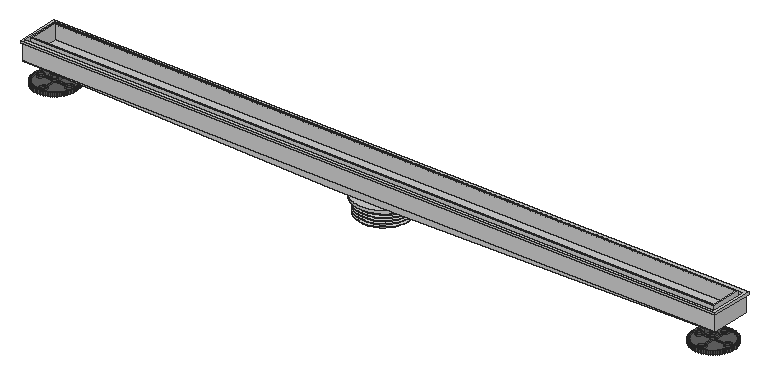
Revit family "C8971-Linear Shower Drain - 48 inch ", category Generic Models, Revit 2022
Family settings
  Can host rebar = No
  Round Connector Dimension = Use Diameter
  Part Type = Normal
  Work Plane-Based = No
  Always vertical = Yes
  Cut with Voids When Loaded = No
  Maintain Annotation Orientation = No
  Shared = No
  Room Calculation Point = No
Parameters (values of type "C8971- 48" linear Shower Drain (Tile-in)")
  Width = 70 mm
  URL = "https://kromedispense.co.in/"
  Model = "C8971"
  Length = 1220 mm
  Holder Material = 4
  Gare Material = 3
  Gare Matel Material = 2
  Fram Material = 4
  Default Elevation = 0 mm
Reference planes
  plane 1 "Center (Front/Back)": y = 0
  plane 2: z = 0
  plane 3 "Center (Left/Right)": x = 0
  plane 4: x = -610
  plane 5: x = 610
  plane 6: y = 35
  plane 7: y = -35
  plane 8 "3": z = 73
  plane 9 "1": z = 31
  plane 10 "2": z = 41
  plane 11: x = -50
  plane 12: x = 50
  plane 13: x = -560
  plane 14: x = 560
Forms (mm)
  Sweep 1, solid, material "4" <- "Fram Material"
    path origin (0, 0, 73) x (-1, 0, 0) y (0, -1, 0)
      loop
        line (610, -35) -> (610, 35) -> (-610, 35) -> (-610, -35) -> (610, -35)
    profile origin (-610, 0, 73) x (1, 0, 0) y (0, 0, 1)
      loop
        line (-2, 0) -> (-2, -4) -> (0, -4) -> (0, -32) -> (2, -32) -> (2, 0) -> (-2, 0)
  Extrusion 2, solid, material "4" <- "Fram Material"
    sketch origin (0, 0, 0) x (1, 0, 0) y (0, 0, 1)
      loop
        line (-610, 41) -> (-50, 31) -> (50, 31) -> (610, 41) -> (-610, 41)
    from -35 to 35
  Extrusion 3, solid, material "2"
    sketch origin (-610, 0, 41) x (1, 0, 0) y (0, 1, 0)
      loop
        line (2, 33) -> (2, -33) -> (1218, -33) -> (1218, 33) -> (2, 33)
    from 0 to 1
  Sweep 4, solid, material "4" <- "Fram Material"
    path origin (-612, 37, 73) x (0, -1, 0) y (1, 0, 0)
      loop
        line (70, 4) -> (70, 1220) -> (4, 1220) -> (4, 4) -> (70, 4)
    profile origin (0, -33, 73) x (0, 1, 0) y (0, 0, 1)
      loop
        line (8, 3) -> (6, 3) -> (6, -31) -> (8, -31) -> (8, 3)
  Extrusion 5, solid, material "4" <- "Fram Material"
    sketch origin (-610, 0, 42) x (1, 0, 0) y (0, 1, 0)
      loop
        line (10, 25) -> (10, -25) -> (1210, -25) -> (1210, 25) -> (10, 25)
    from 0 to 10
Dimensions and locks
  equal spacing: plane 4, plane 3 "Center (Left/Right)", plane 5
  "Length": plane 4 to plane 5
  equal spacing: plane 6, plane 1 "Center (Front/Back)", plane 7
  "Width": plane 6 to plane 7
  plane 8 "3" to plane 2 = 73 mm
  equal spacing: plane 11, plane 3 "Center (Left/Right)", plane 12, locked at 50 each
  locked: plane 4 to plane 13 at 50
  locked: plane 14 to plane 5 at 50
  aligned and locked: level to plane 2
  aligned and locked: plane 1 "Center (Front/Back)" to nested 1
  aligned and locked: plane 3 "Center (Left/Right)" to nested 1
  aligned and locked: plane 1 "Center (Front/Back)" to nested 2
  aligned and locked: nested 3 to plane 1 "Center (Front/Back)"
  aligned and locked: plane 4 to Extrusion 2 sketch curve
  aligned and locked: plane 10 "2" to Extrusion 2 sketch curve  (x2)
  aligned and locked: plane 5 to Extrusion 2 sketch curve
  aligned and locked: plane 6 to Extrusion 2
  aligned and locked: plane 7 to Extrusion 2
  aligned and locked: Extrusion 3 sketch curve to Sweep 1  (x4)
  aligned and locked: plane 6 to Sweep 1 sketch curve
  aligned and locked: Sweep 1 sketch curve to plane 4
  aligned and locked: plane 7 to Sweep 1 sketch curve
  aligned and locked: Sweep 1 sketch curve to plane 5
  aligned and locked: Sweep 4 sketch curve to Sweep 1  (x4)
  aligned and locked: nested 2 to plane 13
  aligned and locked: plane 14 to nested 3
Automatic sketch dimensions
  Sweep 1 sketch curve to plane 8 "3" = 0 mm
  profile plane to Sweep 1 sketch curve = 0 mm
  profile plane to Sweep 1 sketch curve = 2 mm
  Sweep 1 sketch curve to Sweep 1 sketch curve = 2 mm
  Sweep 1 sketch curve to plane 8 "3" = 4 mm
  Sweep 1 sketch curve to Sweep 1 sketch curve = 28 mm
  Extrusion 2 sketch curve to plane 9 "1" = 0 mm
  Extrusion 2 sketch curve to plane 11 = 0 mm
  plane 12 to Extrusion 2 sketch curve = 0 mm
  Sweep 4 sketch curve to Sweep 4 sketch curve = 2 mm
  Sweep 4 sketch curve to profile plane = 6 mm
  profile plane to Sweep 4 sketch curve = 3 mm
  Sweep 4 sketch curve to profile plane = 31 mm
  Extrusion 5 sketch curve to Extrusion 3 = 8 mm  (x4)
Nested families
  nested 1: "Holder" at (0, 0, 0), type "Holder"
  nested 2: "Gare" at (-580.4, 0, 0), type "Gare"
  nested 3: "Gare" at (580.4, 0, 0) x (-1, 0, 0) z (0, 0, 1), type "Gare"
Definition of nested family "Holder"
  Parameters (values of type "Holder")
    Gare = none
    Default Elevation = 0 mm
  Reference planes
    plane 1 "Center (Front/Back)": y = 0
    plane 2: z = 0
    plane 3 "Center (Left/Right)": x = 0
    plane 4: x = -50
    plane 5: x = 50
    plane 6: y = 50
    plane 7: y = -50
    plane 8: z = 31
  Forms (mm)
    Revolve 1, solid, material <- "Gare"
      sketch origin (0, 0, 0) x (1, 0, 0) y (0, 0, 1)
        loop
          line (0, 31) -> (0, 0) -> (42.5, 0) -> (45, 2.5) -> (42.5, 5) -> (45, 7.5) -> (42.5, 10) -> (45, 12.5) -> (42.5, 15) -> (45, 17.5) -> (42.5, 20) -> (45, 22.5) -> (42.5, 25) -> (43.5, 26) -> (50, 26) -> (50, 31) -> (0, 31)
        axis (0, 0) -> (0, 31)
      angle from 0 to 360
  Dimensions and locks
    aligned and locked: level to plane 2
Definition of nested family "Gare"
  Parameters (values of type "Gare")
    Matel = none
    Gare = none
    Default Elevation = 0 mm
  Reference planes
    plane 1 "Center (Front/Back)": y = 0
    plane 2: z = 0
    plane 3 "Center (Left/Right)": x = 0
    plane 4: x = -36.5
    plane 5: x = 36.5
    plane 6: y = 36.5
    plane 7: y = -36.5
    plane 8: z = 41
    plane 9: z = 6
    plane 10: z = 11.5
    plane 11: z = 31
    plane 12: x = 20.4
  Forms (mm)
    Extrusion 1, solid, material <- "Gare"
      sketch origin (0, 0, 0) x (1, 0, 0) y (0, 1, 0)
        loop
          line (-36.5, 0) -> (-34.614, -1.089) -> (-36.428, -2.294) -> (-34.339, -3.331) -> (-36.19, -4.75) -> (-34.035, -5.643) -> (-35.786, -7.184) -> (-33.576, -7.93) -> (-35.219, -9.586) -> (-32.964, -10.18) -> (-34.491, -11.943) -> (-32.201, -12.384) -> (-33.605, -14.246) -> (-31.29, -14.531) -> (-32.566, -16.484) -> (-30.237, -16.612) -> (-31.378, -18.646) -> (-29.046, -18.617) -> (-30.046, -20.724) -> (-27.722, -20.537) -> (-28.578, -22.706) -> (-26.271, -22.363) -> (-26.978, -24.585) -> (-24.7, -24.087) -> (-25.256, -26.352) -> (-23.016, -25.7) -> (-23.418, -27.998) -> (-21.227, -27.196) -> (-21.473, -29.516) -> (-19.341, -28.568) -> (-19.429, -30.899) -> (-17.367, -29.81) -> (-17.298, -32.141) -> (-15.314, -30.915) -> (-15.087, -33.236) -> (-13.19, -31.879) -> (-12.807, -34.18) -> (-11.006, -32.697) -> (-10.468, -34.967) -> (-8.772, -33.366) -> (-8.082, -35.594) -> (-6.498, -33.883) -> (-5.659, -36.059) -> (-4.194, -34.244) -> (-3.21, -36.359) -> (-1.87, -34.449) -> (-0.746, -36.492) -> (0.461, -34.497) -> (1.721, -36.459) -> (2.791, -34.387) -> (4.181, -36.26) -> (5.108, -34.12) -> (6.621, -35.895) -> (7.401, -33.697) -> (9.031, -35.365) -> (9.661, -33.12) -> (11.399, -34.674) -> (11.876, -32.391) -> (13.716, -33.825) -> (14.037, -31.515) -> (15.97, -32.821) -> (16.135, -30.495) -> (18.151, -31.667) -> (18.158, -29.335) -> (20.249, -30.368) -> (20.098, -28.041) -> (22.254, -28.931) -> (21.947, -26.619) -> (24.158, -27.362) -> (23.695, -25.076) -> (25.951, -25.667) -> (25.335, -23.418) -> (27.626, -23.855) -> (26.859, -21.652) -> (29.174, -21.934) -> (28.261, -19.788) -> (30.59, -19.913) -> (29.533, -17.834) -> (31.865, -17.801) -> (30.671, -15.798) -> (32.995, -15.607) -> (31.668, -13.69) -> (33.974, -13.342) -> (32.52, -11.519) -> (34.798, -11.017) -> (33.224, -9.295) -> (35.463, -8.641) -> (33.776, -7.03) -> (35.965, -6.225) -> (34.174, -4.732) -> (36.304, -3.781) -> (34.416, -2.412) -> (36.476, -1.32) -> (34.5, -0.081) -> (36.482, 1.148) -> (34.427, 2.25) -> (36.321, 3.61) -> (34.196, 4.57) -> (35.994, 6.055) -> (33.809, 6.87) -> (35.503, 8.473) -> (33.268, 9.139) -> (34.849, 10.853) -> (32.574, 11.365) -> (34.036, 13.182) -> (31.732, 13.54) -> (33.068, 15.452) -> (30.745, 15.653) -> (31.949, 17.65) -> (29.617, 17.694) -> (30.683, 19.769) -> (28.354, 19.655) -> (29.277, 21.796) -> (26.961, 21.526) -> (27.738, 23.725) -> (25.445, 23.298) -> (26.072, 25.544) -> (23.813, 24.964) -> (24.286, 27.247) -> (22.072, 26.516) -> (22.39, 28.826) -> (20.23, 27.946) -> (20.391, 30.273) -> (18.296, 29.249) -> (18.3, 31.581) -> (16.278, 30.418) -> (16.124, 32.745) -> (14.186, 31.449) -> (13.875, 33.76) -> (12.029, 32.335) -> (11.563, 34.62) -> (9.817, 33.074) -> (9.197, 35.322) -> (7.56, 33.662) -> (6.79, 35.863) -> (5.268, 34.095) -> (4.351, 36.24) -> (2.953, 34.373) -> (1.893, 36.451) -> (0.624, 34.494) -> (-0.574, 36.495) -> (-1.708, 34.458) -> (-3.038, 36.373) -> (-4.032, 34.264) -> (-5.489, 36.085) -> (-6.338, 33.913) -> (-7.914, 35.632) -> (-8.615, 33.407) -> (-10.303, 35.016) -> (-10.852, 32.749) -> (-12.645, 34.239) -> (-13.04, 31.941) -> (-14.93, 33.307) -> (-15.168, 30.987) -> (-17.146, 32.222) -> (-17.227, 29.891) -> (-19.284, 30.99) -> (-19.207, 28.659) -> (-21.333, 29.617) -> (-21.099, 27.296) -> (-23.285, 28.108) -> (-22.895, 25.808) -> (-25.131, 26.47) -> (-24.586, 24.203) -> (-26.862, 24.712) -> (-26.165, 22.486) -> (-28.47, 22.841) -> (-27.625, 20.667) -> (-29.948, 20.865) -> (-28.958, 18.754) -> (-31.29, 18.794) -> (-30.159, 16.754) -> (-32.488, 16.637) -> (-31.222, 14.679) -> (-33.538, 14.404) -> (-32.142, 12.536) -> (-34.434, 12.105) -> (-32.915, 10.336) -> (-35.173, 9.751) -> (-33.539, 8.088) -> (-35.752, 7.353) -> (-34.008, 5.804) -> (-36.167, 4.921) -> (-34.323, 3.493) -> (-36.417, 2.466) -> (-34.48, 1.166) -> (-36.5, 0)
        loop
          circle (0, 0) r 33.5
      from 0 to 5
    Extrusion 2, solid, material <- "Gare"
      sketch origin (0, 0, 0) x (1, 0, 0) y (0, 1, 0)
        loop
          circle (0, 0) r 33.5
        loop
          circle (-25.159, 0) r 5
        loop
          circle (0, 25.159) r 5
        loop
          circle (0, -25.159) r 5
        loop
          circle (25.159, 0) r 5
      from 1 to 4
    Extrusion 3, solid, material <- "Gare"
      sketch origin (0, 0, 4) x (1, 0, 0) y (0, 1, 0)
        loop
          circle (-25.159, 0) r 5
        loop
          circle (0, 25.159) r 5
        loop
          circle (0, -25.159) r 5
        loop
          circle (25.159, 0) r 5
        loop
          arc (-19.35, 1.5) -> (-25.915, 5.952) -> (-31.159, 0) r 6
          arc (-31.159, 0) -> (-25.915, -5.952) -> (-19.35, -1.5) r 6
          line (-19.35, -1.5) -> (-1.5, -1.5) -> (-1.5, -19.35)
          arc (-1.5, -19.35) -> (-5.952, -25.915) -> (0, -31.159) r 6
          arc (0, -31.159) -> (5.952, -25.915) -> (1.5, -19.35) r 6
          line (1.5, -19.35) -> (1.5, -1.5) -> (19.35, -1.5)
          arc (19.35, -1.5) -> (25.915, -5.952) -> (31.159, 0) r 6
          arc (31.159, 0) -> (25.915, 5.952) -> (19.35, 1.5) r 6
          line (19.35, 1.5) -> (1.5, 1.5) -> (1.5, 19.35)
          arc (1.5, 19.35) -> (5.952, 25.915) -> (0, 31.159) r 6
          arc (0, 31.159) -> (-5.952, 25.915) -> (-1.5, 19.35) r 6
          line (-1.5, 19.35) -> (-1.5, 1.5) -> (-19.35, 1.5)
      from 0 to 1
    Extrusion 4, solid, material <- "Gare"
      sketch origin (0, 0, 0.5) x (0, -1, 0) y (-1, 0, 0)
        loop
          circle (0, 25.159) r 5
        loop
          circle (-25.159, 0) r 5
        loop
          circle (25.159, 0) r 5
        loop
          circle (0, -25.159) r 5
        loop
          line (-1.5, 19.35) -> (-1.5, 1.5) -> (-19.35, 1.5)
          arc (-19.35, 1.5) -> (-25.915, 5.952) -> (-31.159, 0) r 6
          arc (-31.159, 0) -> (-25.915, -5.952) -> (-19.35, -1.5) r 6
          line (-19.35, -1.5) -> (-1.5, -1.5) -> (-1.5, -19.35)
          arc (-1.5, -19.35) -> (-5.952, -25.915) -> (0, -31.159) r 6
          arc (0, -31.159) -> (5.952, -25.915) -> (1.5, -19.35) r 6
          line (1.5, -19.35) -> (1.5, -1.5) -> (19.35, -1.5)
          arc (19.35, -1.5) -> (25.915, -5.952) -> (31.159, 0) r 6
          arc (31.159, 0) -> (25.915, 5.952) -> (19.35, 1.5) r 6
          line (19.35, 1.5) -> (1.5, 1.5) -> (1.5, 19.35)
          arc (1.5, 19.35) -> (5.952, 25.915) -> (0, 31.159) r 6
          arc (0, 31.159) -> (-5.952, 25.915) -> (-1.5, 19.35) r 6
      from -0.5 to 0.5
    Extrusion 5, solid, material <- "Matel"
      sketch origin (-2411.137, -1524, 6) x (-1, 0, 0) y (0, -1, 0)
        loop
          line (-2416.137, -1526.887) -> (-2411.137, -1529.774) -> (-2406.137, -1526.887) -> (-2406.137, -1521.113) -> (-2411.137, -1518.226) -> (-2416.137, -1521.113) -> (-2416.137, -1526.887)
      from 0 to 3
    Extrusion 6, solid, material <- "Matel"
      sketch origin (0, 0, 5) x (1, 0, 0) y (0, 1, 0)
        loop
          circle (0, 0) r 3.5
      from 0 to 12.455
    Extrusion 7, solid, material <- "Matel"
      sketch origin (-2411.137, -1524, 11.5) x (-1, 0, 0) y (0, -1, 0)
        loop
          line (-2416.137, -1526.887) -> (-2411.137, -1529.774) -> (-2406.137, -1526.887) -> (-2406.137, -1521.113) -> (-2411.137, -1518.226) -> (-2416.137, -1521.113) -> (-2416.137, -1526.887)
      from 0 to 3
    Extrusion 8, solid, material <- "Matel"
      sketch origin (0, 0, 0) x (1, 0, 0) y (0, 0, 1)
        loop
          line (-10, 11.5) -> (-10, 10.7) -> (10.8, 10.7) -> (10.8, 40.2) -> (30, 40.2) -> (30, 41) -> (10, 41) -> (10, 11.5) -> (-10, 11.5)
      from -6 to 6
    Revolve 9, solid, material <- "Matel"
      sketch origin (0, 0, 0) x (1, 0, 0) y (0, 0, 1)
        loop
          line (20.4, 40.2) -> (20.4, 30.2) -> (23.351, 30.2)
          arc (23.351, 30.2) -> (23.06, 33.952) -> (23.4, 37.7) r 22.425
          line (23.4, 37.7) -> (23.4, 40.2) -> (20.4, 40.2)
        axis (20.4, 30.2) -> (20.4, 40.2)
      angle from 0 to 360
  Cuts and joins
    joined: Extrusion 1, Extrusion 2, Extrusion 3, Extrusion 4
  Dimensions and locks
    plane 11 to level = 31 mm
    plane 8 to level = 41 mm
    aligned and locked: level to plane 2
